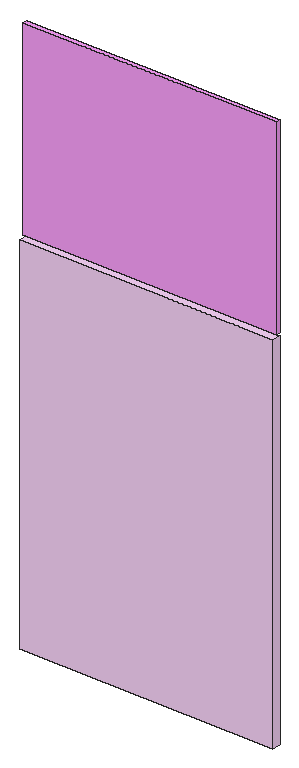
Revit family "EXP_WT-1A_CPan-005", category Curtain Panels, Revit 2021
Family settings
  OmniClass Number = 23.25.20.14.11.11.17
  OmniClass Title = Infill Panels
  Always vertical = Yes
  Cut with Voids When Loaded = No
  Shared = No
Parameters (values of type "H2 = 8'  5 1/2"")
  UI-UnitNumber [instance] = "01"
  UI-Quadrant [instance] = "SE"
  UI-ProjectAbbreviation = "NEU"
  UI-ItemCategory = "PID"
  UI-FloorNumber [instance] = "03"
  PNT-WallType = "WT1A"
  PNT-ProjectAbbreviation = "NEU"
  PNT-PanelType [instance] = "01"
  PNT-ItemCategory = "PNL"
  GlassSPH2(x2) [instance] = 0' - 2 3/16"
  GlassSPH1 [instance] = 0' - 1 1/8"
  GlassH2 [instance] = IG-1F(Glass)
  GlassH1 [instance] = IG-3F(Glass)
  Define Thermal Properties by = Schematic Type
  CellSp = 0' - 10 3/16"
  CellL [instance] = 6' - 2"
  CellH2 = 8' - 5 1/2"
  CellH1 [instance] = CellH - CellH2  # 4' - 5 1/2"
  CellH [instance] = 12' - 11"
  CellAngle [instance] = 45.00°
  Analytic Construction = "<None>"
Reference planes (in)
  plane 1 "Center (Front/Back)": y = 0
  plane 2: z = 0
  plane 3 "Center (Left/Right)": x = 0
  plane 4 "Left": x = -37
  plane 5 "Right": x = 37
  plane 6 "Top": z = 155
  plane 7: z = 101.5
  plane 8: y = -10.1875
Forms (in)
  Extrusion 1, solid, material "IG-1F(Glass)" <- "GlassH2", detail levels coarse+medium
    sketch origin (0, 0, 0) x (1, 0, 0) y (0, 1, 0)
      loop
        line (37, 0) -> (-37, 0) -> (-26.8125, -10.1875) -> (37, -10.1875) -> (37, 0)
    from 0 to 101.5
  Extrusion 2, solid, material "IG-3F(Glass)" <- "GlassH1", detail levels coarse+medium
    sketch origin (0, 0, 0) x (1, 0, 0) y (0, 1, 0)
      loop
        line (37, 0) -> (-37, 0) -> (-26.8125, -10.1875) -> (37, -10.1875) -> (37, 0)
    from 101.5 to 155
Lines and regions (in)
  reference lines
    curve 1: line (-37, 0, 0) -> (-2.35177, -34.64823, 0)
Text (in)
  text "Exterior" at (-92.59733, 55.75508, 0), in view "Ref. Level"
  text "Exterior" at (0, 90.18664, 173.49264), in view "Left"
  text "Exterior" at (0, 52.29083, 162.21847), in view "Right"
Dimensions and locks (in)
  equal spacing: plane 4 "Left", plane 3 "Center (Left/Right)", plane 5 "Right"  (x2)
  "CellH2": plane 2 to plane 7
  "CellH1": plane 7 to plane 6 "Top"
  "CellL": plane 4 "Left" to plane 5 "Right"
  "CellH": plane 2 to plane 6 "Top"
  "CellSp": plane 8 to plane 1 "Center (Front/Back)"
  "CellAngle": angle curve 1 to plane 1 "Center (Front/Back)"
  aligned and locked: level to plane 2
  aligned and locked: Extrusion 1 sketch curve to plane 1 "Center (Front/Back)"
  aligned and locked: Extrusion 1 sketch curve to plane 8
  aligned and locked: Extrusion 1 sketch curve to curve 1
  aligned and locked: Extrusion 1 sketch curve to plane 5 "Right"
  aligned and locked: plane 7 to Extrusion 1
  aligned and locked: Extrusion 1 to plane 2
  aligned and locked: Extrusion 2 sketch curve to plane 1 "Center (Front/Back)"
  aligned and locked: Extrusion 2 sketch curve to plane 8
  aligned and locked: Extrusion 2 sketch curve to curve 1
  aligned and locked: Extrusion 2 sketch curve to plane 5 "Right"
  aligned and locked: Extrusion 2 to plane 6 "Top"
  aligned and locked: Extrusion 2 to plane 7
  aligned and locked: nested 1 to curve 1
  aligned and locked: Extrusion 1 to nested 1
  aligned and locked: nested 1 to Extrusion 1
  aligned and locked: Extrusion 2 to nested 2
  aligned and locked: nested 2 to Extrusion 2
  aligned and locked: nested 2 to level
  aligned and locked: plane 1 "Center (Front/Back)" to nested 3
  aligned and locked: plane 5 "Right" to nested 3
  aligned and locked: plane 4 "Left" to nested 3
  aligned and locked: plane 2 to Extrusion 1
  aligned and locked: nested 3 to plane 6 "Top"
  aligned and locked: plane 1 "Center (Front/Back)" to nested 4
  aligned and locked: nested 4 to plane 6 "Top"
  aligned and locked: plane 7 to nested 4
  aligned and locked: plane 5 "Right" to nested 4
  aligned and locked: plane 4 "Left" to nested 4
  aligned and locked: plane 1 "Center (Front/Back)" to nested 5
  aligned and locked: plane 7 to nested 5
  aligned and locked: plane 2 to nested 5
  aligned and locked: plane 5 "Right" to nested 5
  aligned and locked: plane 4 "Left" to nested 5
Automatic sketch dimensions
  plane 1 "Center (Front/Back)" to curve 1 = 0' - 0"
  curve 1 to plane 4 "Left" = 0' - 0"
Nested families (in)
  nested 1: "EXP_WT-1A_DetO-002" at (-37, 0, 0), CellAngle <- "CellAngle", type "EXP_WT-1A_DetO-002"
    with built-in parameter 1001306 6.1667 (stored number, unit not read), CellAngle 45.00°
  nested 2: "EXP_WT-1A_DetO-003" at (0, 0, 155) x (0, 0, -1) z (1, 0, 0), CellH1 <- "CellH1", CellH2 <- "CellH2", type "EXP_WT-1A_DetO-003"
    with built-in parameter 1001306 12.917 (stored number, unit not read), CellH2 8' - 5 1/2", CellH1 4' - 5 1/2"
  nested 3: "EXP_xx_DetO-002" at (0, 0, 0), CellH <- "CellH", CellL <- "CellL", type "EXP_xx_DetO-002", detail levels coarse
    with CellL 6' - 2", CellH 12' - 11"
  nested 4: "EXP_WT-1x_IG-003" at (0, 0, 128.25), MaterialGlass <- "GlassH1", GlassSP <- "GlassSPH1", type "A = 90_GlassSP = H1", detail levels fine
    with MaterialGlass IG-3F(Glass), GlassSP 0' - 1 1/8", GlassL 5' - 8.87402", GlassH 4' - 3 13/16", CellL 6' - 2", CellH 4' - 5 1/2"
  nested 5: "EXP_WT-1x_IG-003" at (0, 0, 50.75), MaterialGlass <- "GlassH2", GlassSP <- "GlassSPH2(x2)", type "A = 90_GlassSP = H2(x2)", detail levels fine
    with MaterialGlass IG-1F(Glass), GlassSP 0' - 2 3/16", GlassL 5' - 8.87402", GlassH 8' - 3.56299", CellL 6' - 2", CellH 8' - 5 1/2"
Definition of nested family "EXP_WT-1x_IG-003"
  Parameters (values of type "A = 90_H2(x2) _ GlassSP = 2 1/8"")
    MaterialGlass [instance] = none
    GlassSP [instance] = 0' - 2.12598"
    GlassL [instance] = CellL - (GlassD1 + GlassD3)  # 3' - 7.69291"
    GlassH [instance] = CellH - (GlassD2 + GlassD4)  # 6' - 6.64788"
    GlassD4 = 0' - 1.43701"
    GlassD3 = 0' - 0.93701"
    GlassD2 = 0' - 0 1/2"
    GlassD1 = 0' - 4.18898"
    GMPI-ProjectAbbreviation = "NEU"
    GMPI-IteamCategory = "GLS"
    Default Elevation = 0' - 0"
    CellL [instance] = 4' - 0.8189"
    CellH [instance] = 6' - 8.58489"
  Types (20): name | GlassSP | GlassL | GlassH | GlassD4 | GlassD2 | GlassD1
    A = 90_H2(x2) _ GlassSP = 2 1/8" | 0' - 2.12598" | 3' - 7.69291" | 6' - 6.64788" | 0' - 1.43701" | 0' - 0 1/2" | 0' - 4.18898"
    A = 90_H1 _ GlassSP = 1 1/4" | 0' - 1 1/4" | 3' - 7.69291" | 6' - 6.89739" | 0' - 0 1/4" | 0' - 1 7/16" | 0' - 4.18898"
    A = 90_H2(x3) _ GlassSP = 2 1/8" | 0' - 2.12598" | 3' - 7.69291" | 6' - 7.83489" | 0' - 0 1/4" | 0' - 0 1/2" | 0' - 4.18898"
    A = 90_H3 _ GlassSP = 1 1/4" | 0' - 1 1/4" | 3' - 7.69291" | 6' - 6.64788" | 0' - 1.43701" | 0' - 0 1/2" | 0' - 4.18898"
    A = 90_H _ GlassSP = 1 1/4" | 0' - 1 1/4" | 3' - 7.69291" | 6' - 5.71088" | 0' - 1.43701" | 0' - 1.43701" | 0' - 4.18898"
    A = 78_H _ GlassSP = 1 1/4" | 0' - 1 1/4" | 3' - 6.75591" | 6' - 5.71088" | 0' - 1.43701" | 0' - 1.43701" | 0' - 5.12598"
    A = 78_H1 _ GlassSP = 1 1/4" | 0' - 1 1/4" | 3' - 6.75591" | 6' - 6.89739" | 0' - 0 1/4" | 0' - 1 7/16" | 0' - 5.12598"
    A = 78_H2(x2) _ GlassSP = 2 1/8" | 0' - 2.12598" | 3' - 6.75591" | 6' - 6.64788" | 0' - 1.43701" | 0' - 0 1/2" | 0' - 5.12598"
    A = 78_H2(x3) _ GlassSP = 2 1/8" | 0' - 2.12598" | 3' - 6.75591" | 6' - 7.83489" | 0' - 0 1/4" | 0' - 0 1/2" | 0' - 5.12598"
    A = 78_H3 _ GlassSP = 1 1/4" | 0' - 1 1/4" | 3' - 6.75591" | 6' - 6.64788" | 0' - 1.43701" | 0' - 0 1/2" | 0' - 5.12598"
    A = 90_GlassSP = H | 0' - 1 1/4" | 3' - 7.69291" | 6' - 5.71088" | 0' - 1.43701" | 0' - 1.43701" | 0' - 4.18898"
    A = 90_ GlassSP = H3 | 0' - 1 1/4" | 3' - 7.69291" | 6' - 6.64788" | 0' - 1.43701" | 0' - 0 1/2" | 0' - 4.18898"
    A = 90_GlassSP = H2(x3) | 0' - 2.12598" | 3' - 7.69291" | 6' - 7.83489" | 0' - 0 1/4" | 0' - 0 1/2" | 0' - 4.18898"
    A = 90_GlassSP = H2(x2) | 0' - 2.12598" | 3' - 7.69291" | 6' - 6.64788" | 0' - 1.43701" | 0' - 0 1/2" | 0' - 4.18898"
    A = 90_GlassSP = H1 | 0' - 1 1/4" | 3' - 7.69291" | 6' - 6.89739" | 0' - 0 1/4" | 0' - 1 7/16" | 0' - 4.18898"
    A = 78_GlassSP = H | 0' - 1 1/4" | 3' - 6.75591" | 6' - 5.71088" | 0' - 1.43701" | 0' - 1.43701" | 0' - 5.12598"
    A = 78_ GlassSP = H3 | 0' - 1 1/4" | 3' - 6.75591" | 6' - 6.64788" | 0' - 1.43701" | 0' - 0 1/2" | 0' - 5.12598"
    A = 78_ GlassSP = H2(x3) | 0' - 2.12598" | 3' - 6.75591" | 6' - 7.83489" | 0' - 0 1/4" | 0' - 0 1/2" | 0' - 5.12598"
    A = 78_GlassSP = H2(x2) | 0' - 2.12598" | 3' - 6.75591" | 6' - 6.64788" | 0' - 1.43701" | 0' - 0 1/2" | 0' - 5.12598"
    A = 78_GlassSP = H1 | 0' - 1 1/4" | 3' - 6.75591" | 6' - 6.89739" | 0' - 0 1/4" | 0' - 1 7/16" | 0' - 5.12598"
  Reference planes (in)
    plane 1 "Center (Front/Back)": y = 0
    plane 2: z = 0
    plane 3 "Center (Left/Right)": x = 0
    plane 4: x = -24.40945
    plane 5: x = 24.40945
    plane 6: z = 40.29245
    plane 7: x = -20.22047
    plane 8: x = 23.47244
    plane 9: z = -40.29245
    plane 10: z = 39.79245
    plane 11: z = -38.85544
  Forms (in)
    Extrusion 1, solid, material <- "MaterialGlass"
      sketch origin (0, 0, 0) x (1, 0, 0) y (0, 0, 1)
        loop
          line (-20.22047, -38.85544) -> (23.47244, -38.85544) -> (23.47244, 39.79245) -> (-20.22047, 39.79245) -> (-20.22047, -38.85544)
      from 0 to 2.12598 <- "GlassSP"
  Dimensions and locks (in)
    equal spacing: plane 6, level, plane 9
    "CellH": plane 6 to plane 9
    "GlassD2": plane 6 to plane 10
    "GlassD4": plane 11 to plane 9
    equal spacing: plane 4, plane 3 "Center (Left/Right)", plane 5
    "CellL": plane 4 to plane 5
    "GlassD1": plane 4 to plane 7
    "GlassD3": plane 5 to plane 8
    aligned and locked: level to plane 2
    aligned and locked: Extrusion 1 sketch curve to plane 11
    aligned and locked: Extrusion 1 sketch curve to plane 7
    aligned and locked: plane 10 to Extrusion 1 sketch curve
    aligned and locked: plane 8 to Extrusion 1 sketch curve
Definition of nested family "EXP_WT-1A_DetO-002"
  Parameters (values of type "EXP_WT-1A_DetO-002")
    built-in parameter 1001306 [instance] = 5' - 2.99213"
    CellAngle [instance] = 45.00°
  Reference planes (in)
    plane 1 "Center (Front/Back)": y = 0
    plane 2: z = 0
    plane 3 "Left": x = 0
    plane 4 "Right": x = 62.99213
  Lines and regions (in)
    reference lines, in view "Ref. Level"
      curve 1: line (0, 0, 0) -> (62.99213, 0, 0)
      curve 17: line (0, 0, 0) -> (16.97056, -16.97056, 0)
    detail lines, in view "Ref. Level"
      curve 2: line (-0.30429, 0, 0) -> (-0.00849, 0, 0)
      curve 3: line (-0.30429, 0, 0) -> (-0.00849, 0, 0)
      curve 4: line (62.99213, -0.81795, 0) -> (62.99213, -10.1875, 0)
      curve 5: line (62.99213, -10.1875, 0) -> (60.99213, -10.1875, 0)
      curve 6: line (60.99213, -10.1875, 0) -> (60.99213, -2.43678, 0)
      curve 7: line (60.99213, -2.43678, 0) -> (62.44632, -2.43678, 0)
      curve 8: line (62.44632, -2.43678, 0) -> (62.44632, 0, 0)
      curve 9: line (62.44632, 0, 0) -> (62.74213, 0, 0)
      curve 10: line (62.74213, 0, 0) -> (62.74213, -0.81795, 0)
      curve 11: line (62.99213, -0.81795, 0) -> (62.74213, -0.81795, 0)
      curve 12: line (-0.30429, 0, 0) -> (-0.00849, 0, 0)
      curve 13: line (2.83381, 0, 0) -> (62.04971, 0, 0)
      curve 14: line (2.83381, -1.31, 0) -> (2.83381, 0, 0)
      curve 15: line (2.83381, -1.31, 0) -> (62.04971, -1.31, 0)
      curve 16: line (62.04971, -1.31, 0) -> (62.04971, 0, 0)
      curve 18: line (2.35972, -2.35972, 0) -> (10.1875, -10.1875, 0)
      curve 19: line (12.66237, -10.1875, 0) -> (10.1875, -10.1875, 0)
      curve 20: line (2.8356, -1.88308, 0) -> (4.35796, -1.88308, 0)
      curve 21: line (2.35972, -2.35972, 0) -> (2.8356, -1.88308, 0)
      curve 22: line (4.35796, -1.88308, 0) -> (12.66237, -10.1875, 0)
  Dimensions and locks (in)
    "built-in parameter 1001306": plane 3 "Left" to plane 4 "Right"
    locked: curve 17 to curve 22 at 1.75
    "CellAngle": angle curve 17 to plane 1 "Center (Front/Back)"
    aligned and locked: plane 1 "Center (Front/Back)" to curve 1
    aligned and locked: plane 3 "Left" to curve 1
    aligned and locked: plane 4 "Right" to curve 1
    aligned and locked: curve 4 to plane 4 "Right"
    aligned and locked: curve 12 to curve 1
    aligned and locked: curve 1 to curve 13
    aligned and locked: curve 5 to curve 19
    aligned and locked: curve 17 to curve 18
  Automatic sketch dimensions
    plane 1 "Center (Front/Back)" to curve 9 = 0' - 0"
    curve 9 to plane 4 "Right" = 0' - 0 1/4"
    curve 7 to plane 4 "Right" = 0' - 0.5458"
    curve 15 to curve 10 = 0' - 0.69242"
    curve 6 to curve 7 = 0' - 1.45419"
    plane 1 "Center (Front/Back)" to curve 18 = 0' - 10 3/16"
    plane 1 "Center (Front/Back)" to curve 20 = 0' - 1.88308"
    curve 14 to curve 20 = 0' - 0.00179"
    curve 2 to plane 3 "Left" = 0' - 0.00849"
    curve 3 to curve 2 = 0' - 0.2958"
    plane 1 "Center (Front/Back)" to curve 6 = 0' - 2.43678"
    curve 7 to curve 16 = 0' - 1.12678"
    plane 1 "Center (Front/Back)" to curve 11 = 0' - 0.81795"
    curve 18 to curve 22 = 0' - 0.47664"
    curve 18 to curve 13 = 0' - 0.47409"
Definition of nested family "EXP_WT-1A_DetO-003"
  Parameters (values of type "EXP_WT-1A_DetO-003")
    built-in parameter 1001306 [instance] = 12' - 11"
    CellH2 [instance] = 9' - 8"
    CellH1 [instance] = 3' - 3"
    CellH [instance] = 12' - 11"
  Reference planes (in)
    plane 1 "Center (Front/Back)": y = 0
    plane 2: z = 0
    plane 3 "Left": x = 0
    plane 4 "Right": x = 155
    plane 5: x = 39
  Lines and regions (in)
    reference lines, in view "Ref. Level"
      curve 1: line (0, 0, 0) -> (155, 0, 0)
    detail lines, in view "Ref. Level"
      curve 2: line (37.25001, -10.1875, 0) -> (37.25001, -2.41263, 0)
      curve 3: line (37.25001, -2.41263, 0) -> (40.74999, -2.41263, 0)
      curve 4: line (40.74999, -2.41263, 0) -> (40.74999, -10.1875, 0)
      curve 5: line (40.74999, -10.1875, 0) -> (37.25001, -10.1875, 0)
      curve 6: line (39.27639, -2.185, 0) -> (39.27639, 0, 0)
      curve 7: line (39.27639, 0, 0) -> (153.80789, 0, 0)
      curve 8: line (153.80789, -2.185, 0) -> (39.27639, -2.185, 0)
      curve 9: line (38.52639, -1.31, 0) -> (38.52639, 0, 0)
      curve 10: line (38.52639, 0, 0) -> (1.19241, 0, 0)
      curve 11: line (38.52639, -1.31, 0) -> (1.19241, -1.31, 0)
      curve 12: line (0, -10.1875, 0) -> (2.125, -10.1875, 0)
      curve 13: line (0, -0.81812, 0) -> (0, -10.1875, 0)
      curve 14: line (0.5, 0, 0) -> (0.5, -0.81812, 0)
      curve 15: line (0.5, 0, 0) -> (0.7958, 0, 0)
      curve 16: line (0, -0.81812, 0) -> (0.5, -0.81812, 0)
      curve 17: line (0.7958, -2.43676, 0) -> (0.7958, 0, 0)
      curve 18: line (2.125, -2.43676, 0) -> (0.7958, -2.43676, 0)
      curve 19: line (2.125, -10.1875, 0) -> (2.125, -2.43676, 0)
      curve 20: line (1.19241, -1.31, 0) -> (1.19241, 0, 0)
      curve 21: line (155, 60, 0) -> (155, -10.1875, 0)
      curve 22: line (155, -10.1875, 0) -> (151.625, -10.1875, 0)
      curve 23: line (151.625, -10.1875, 0) -> (151.625, -2.43679, 0)
      curve 24: line (151.625, -2.43679, 0) -> (154.2042, -2.43679, 0)
      curve 25: line (154.2042, -2.43679, 0) -> (154.2042, 0, 0)
      curve 26: line (154.5, 0, 0) -> (154.5, -0.81812, 0)
      curve 27: line (154.2042, 0, 0) -> (154.5, 0, 0)
      curve 28: line (155, -0.81812, 0) -> (154.5, -0.81812, 0)
      curve 29: line (155, -0.81812, 0) -> (155, -10.1875, 0)
      curve 30: line (153.80789, -2.185, 0) -> (153.80789, 0, 0)
  Dimensions and locks (in)
    "built-in parameter 1001306": plane 3 "Left" to plane 4 "Right"
    "CellH": plane 3 "Left" to plane 4 "Right"
    "CellH2": plane 5 to plane 4 "Right"
    "CellH1": plane 3 "Left" to plane 5
    aligned and locked: plane 1 "Center (Front/Back)" to curve 1
    aligned and locked: plane 3 "Left" to curve 1
    aligned and locked: plane 4 "Right" to curve 1
    aligned and locked: curve 1 to curve 7
    aligned and locked: curve 10 to plane 1 "Center (Front/Back)"
    aligned and locked: curve 13 to plane 3 "Left"
    aligned and locked: curve 1 to curve 15
    aligned and locked: curve 21 to plane 4 "Right"
    aligned and locked: curve 29 to plane 4 "Right"
    aligned and locked: curve 5 to curve 12
    aligned and locked: curve 22 to curve 5
  Automatic sketch dimensions
    plane 5 to curve 3 = 0' - 1 3/4"
    plane 1 "Center (Front/Back)" to curve 3 = 0' - 2.41263"
    curve 5 to plane 5 = 0' - 1 3/4"
    plane 5 to curve 6 = 0' - 0.27639"
    curve 6 to curve 6 = 0' - 2.185"
    curve 9 to plane 5 = 0' - 0.47361"
    plane 1 "Center (Front/Back)" to curve 13 = 0' - 0.81812"
    plane 3 "Left" to curve 14 = 0' - 0 1/2"
    curve 14 to curve 17 = 0' - 0.2958"
    curve 17 to curve 18 = 0' - 1.3292"
    curve 18 to curve 14 = 0' - 1.61864"
    curve 14 to curve 20 = 0' - 0.69242"
    curve 20 to curve 14 = 0' - 0.49188"
    curve 21 to plane 1 "Center (Front/Back)" = 5' - 0"
    curve 24 to curve 24 = 0' - 2.5792"
    plane 1 "Center (Front/Back)" to curve 27 = 0' - 0"
    curve 25 to curve 26 = 0' - 0.2958"
    curve 28 to curve 28 = 0' - 0 1/2"
    curve 30 to curve 24 = 0' - 0.39631"
    curve 24 to curve 30 = 0' - 0.25179"
    plane 1 "Center (Front/Back)" to curve 26 = 0' - 0.81812"
    curve 22 to curve 24 = 0' - 7.75071"
Definition of nested family "EXP_xx_DetO-002"
  Parameters (values of type "EXP_xx_DetO-002")
    Default Elevation = 0' - 0"
    CellL [instance] = 5' - 4.56693"
    CellH [instance] = 5' - 2.99213"
  Reference planes (in)
    plane 1 "Center (Front/Back)": y = 0
    plane 2: z = 0
    plane 3 "Center (Left/Right)": x = 0
    plane 4: x = -32.28346
    plane 5: x = 32.28346
    plane 6: z = 62.99213
  Lines and regions (in)
    model lines
      curve 1: line (-32.28346, 0, 62.99213) -> (32.28346, 0, 0)
      curve 2: line (32.28346, 0, 62.99213) -> (-32.28346, 0, 0)
  Dimensions and locks (in)
    "CellH": plane 6 to level
    equal spacing: plane 4, plane 3 "Center (Left/Right)", plane 5
    "CellL": plane 4 to plane 5
    aligned and locked: level to plane 2
  Automatic sketch dimensions
    curve 2 to level = 0' - 0"
    plane 4 to curve 2 = 0' - 0"
    plane 4 to curve 1 = 0' - 0"
    plane 5 to curve 2 = 0' - 0"
    curve 1 to level = 0' - 0"
    plane 5 to curve 1 = 0' - 0"
    curve 2 to plane 6 = 0' - 0"
    curve 1 to plane 6 = 0' - 0"
